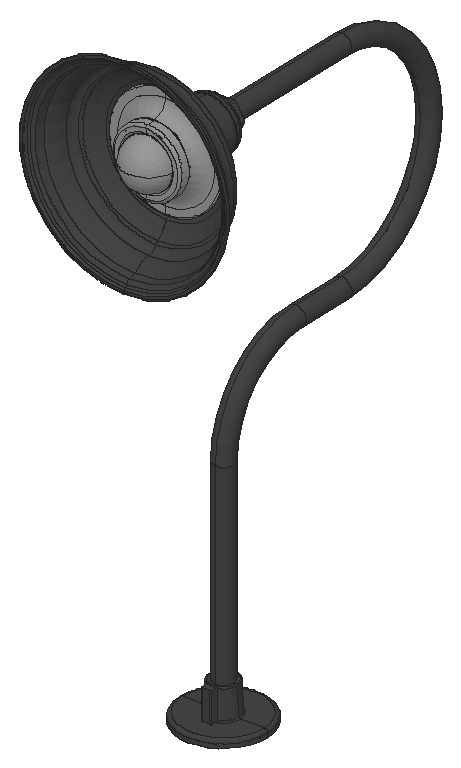
Revit family "BLE-G-WHB-G6-LED", category Lighting Fixtures, host Face, Revit 2022 (continued)
Definition of nested family "WHB Shade"
  Definition of nested family "SHD-0021"
    Forms (in)
      Revolve 2, solid, material <- "Shade Material"
        sketch origin (0, 0, 0) x (1, 0, 0) y (0, 0, 1)
          loop
            line (0, 0) -> (0, 0.03906) -> (-1.2768, 0.03906)
            arc (-1.2768, 0.03906) -> (-1.35899, 0.06907) -> (-1.4025, 0.14499) r 0.12754
            line (-1.4025, 0.14499) -> (-1.42739, 0.28969)
            arc (-1.42739, 0.28969) -> (-1.44233, 0.32466) -> (-1.47142, 0.34916) r 0.08217
            arc (-1.47142, 0.34916) -> (-1.49504, 0.36972) -> (-1.50591, 0.39908) r 0.06331
            line (-1.50591, 0.39908) -> (-1.68358, 2.08888)
            arc (-1.68358, 2.08888) -> (-1.84717, 2.40993) -> (-2.18358, 2.53906) r 0.50276
            line (-2.18358, 2.53906) -> (-2.27776, 2.53906)
            arc (-2.27776, 2.53906) -> (-2.34938, 2.56167) -> (-2.39504, 2.62131) r 0.12473
            arc (-2.39504, 2.62131) -> (-2.55131, 2.82856) -> (-2.79707, 2.91211) r 0.44133
            arc (-2.79707, 2.91211) -> (-2.83676, 2.91975) -> (-2.87199, 2.93956) r 0.1261
            line (-2.87199, 2.93956) -> (-2.92841, 2.98454)
            arc (-2.92841, 2.98454) -> (-3.00942, 3.0339) -> (-3.10018, 3.0615) r 0.37764
            arc (-3.10018, 3.0615) -> (-3.82518, 3.20008) -> (-4.54423, 3.36682) r 18.935
            arc (-4.54423, 3.36682) -> (-4.89816, 3.46771) -> (-5.25153, 3.57053) r 67.20826
            arc (-5.25153, 3.57053) -> (-5.42028, 3.70111) -> (-5.56302, 3.8597) r 1.19083
            arc (-5.56302, 3.8597) -> (-5.65452, 3.96172) -> (-5.76247, 4.04615) r 0.77987
            arc (-5.76247, 4.04615) -> (-5.88906, 4.18342) -> (-5.93432, 4.36459) r 0.37728
            arc (-5.93432, 4.36459) -> (-6.03243, 4.84456) -> (-6.31527, 5.24456) r 1.19223
            line (-6.31527, 5.24456) -> (-6.9641, 6.69444)
            arc (-6.9641, 6.69444) -> (-7.02564, 6.76847) -> (-7.10117, 6.82816) r 0.46277
            line (-7.10117, 6.82816) -> (-7.33587, 7.04516) -> (-7.45485, 7.04516)
            arc (-7.45485, 7.04516) -> (-7.50126, 6.99876) -> (-7.45485, 6.95235) r 0.0464
            line (-7.45485, 6.95235) -> (-7.29303, 6.95235) -> (-7.12501, 6.79701)
            arc (-7.12501, 6.79701) -> (-7.05533, 6.74284) -> (-6.99838, 6.67541) r 0.42371
            line (-6.99838, 6.67541) -> (-6.34765, 5.22128)
            arc (-6.34765, 5.22128) -> (-6.06985, 4.83266) -> (-5.97338, 4.3648) r 1.15316
            arc (-5.97338, 4.3648) -> (-5.92344, 4.16487) -> (-5.78374, 4.01338) r 0.41634
            arc (-5.78374, 4.01338) -> (-5.6812, 3.93319) -> (-5.59428, 3.83628) r 0.74081
            arc (-5.59428, 3.83628) -> (-5.4448, 3.67058) -> (-5.26784, 3.53461) r 1.2299
            arc (-5.26784, 3.53461) -> (-4.91136, 3.43086) -> (-4.55432, 3.32907) r 67.24732
            arc (-4.55432, 3.32907) -> (-3.83352, 3.16192) -> (-3.10676, 3.023) r 18.97406
            arc (-3.10676, 3.023) -> (-3.0254, 2.99825) -> (-2.95276, 2.954) r 0.33858
            line (-2.95276, 2.954) -> (-2.89634, 2.90902)
            arc (-2.89634, 2.90902) -> (-2.85019, 2.88307) -> (-2.79821, 2.87306) r 0.16516
            arc (-2.79821, 2.87306) -> (-2.57421, 2.79691) -> (-2.43176, 2.608) r 0.40227
            arc (-2.43176, 2.608) -> (-2.37181, 2.52969) -> (-2.27776, 2.5) r 0.1638
            line (-2.27776, 2.5) -> (-2.18358, 2.5)
            arc (-2.18358, 2.5) -> (-1.87331, 2.3809) -> (-1.72243, 2.08479) r 0.46369
            line (-1.72243, 2.08479) -> (-1.54476, 0.395)
            arc (-1.54476, 0.395) -> (-1.52718, 0.34751) -> (-1.48898, 0.31427) r 0.10237
            arc (-1.48898, 0.31427) -> (-1.47372, 0.30141) -> (-1.46588, 0.28307) r 0.04311
            line (-1.46588, 0.28307) -> (-1.441, 0.13837)
            arc (-1.441, 0.13837) -> (-1.38416, 0.0392) -> (-1.2768, 0) r 0.1666
            line (-1.2768, 0) -> (0, 0)
          axis (0, 7.04516) -> (0, 0)
        angle from 0 to 360
    Dimensions and locks (in)
      locked: plane 5 to Extrusion 1 at 0.137
      locked: plane 8 to plane 5 at 0.157
      locked: plane 10 to plane 8 at 0.017
      locked: plane 11 to plane 10 at 0.084
      locked: plane 13 to plane 11 at 1.693
      locked: plane 15 to plane 13 at 0.412
      locked: plane 17 to plane 15 at 0.108
      locked: plane 20 to plane 17 at 0.265
      locked: plane 21 to plane 20 at 0.022
      locked: plane 23 to plane 21 at 0.059
      locked: plane 25 to plane 23 at 0.069
      locked: plane 29 to plane 27 at 0.184
      locked: plane 31 to plane 29 at 0.344
      locked: plane 33 to plane 31 at 0.857
      locked: plane 35 to plane 33 at 2.157
      locked: plane 37 to plane 35 at 0.156
      locked: plane 39 to plane 37 at 0.168
      locked: plane 41 to plane 39 at 0.246
      locked: plane 16 to plane 43 at 0.097
      locked: plane 44 to plane 25 at 0.533
      locked: plane 27 to plane 44 at 0.45
      locked: plane 41 to plane 46 at 0.16
      locked: plane 3 "Center (Left/Right)" to plane 4 at 1.27876
      locked: plane 4 to plane 6 at 0.162
      locked: plane 6 to plane 9 at 0.041
      locked: plane 9 to plane 12 at 0.063
      locked: plane 12 to plane 14 at 0.178
      locked: plane 14 to plane 16 at 0.458
      locked: plane 43 to plane 18 at 0.154
      locked: plane 18 to plane 19 at 0.392
      locked: plane 19 to plane 22 at 0.055
      locked: plane 22 to plane 24 at 0.074
      locked: plane 24 to plane 26 at 0.154
      plane 3 "Center (Left/Right)" to plane 45 = 0' - 5.39176"
      locked: plane 36 to plane 38 at 0.193
      locked: plane 38 to plane 40 at 0.257
      locked: plane 40 to plane 42 at 0.135
      locked: plane 42 to plane 47 at 0.077
      locked: plane 47 to plane 48 at 0.033
      aligned and locked: plane 2 to Extrusion 1
      aligned and locked: level to Extrusion 1
      aligned and locked: Revolve 2 sketch curve to plane 3 "Center (Left/Right)"  (x2)
    Automatic sketch dimensions
      Extrusion 1 sketch curve to Extrusion 1 sketch curve = 8' - 0"  (x2)
      Revolve 2 sketch curve to Revolve 2 sketch curve = 0' - 0"  (x35)
      Revolve 2 sketch curve to plane 25 = 0' - 0"  (x2)
      Revolve 2 sketch curve to plane 26 = 0' - 0"
      Revolve 2 sketch curve to plane 23 = 0' - 0"
      Revolve 2 sketch curve to plane 24 = 0' - 0"
      Revolve 2 sketch curve to plane 17 = 0' - 0"  (x2)
      Revolve 2 sketch curve to plane 18 = 0' - 0"
      Revolve 2 sketch curve to plane 15 = 0' - 0"
      Revolve 2 sketch curve to plane 43 = 0' - 0"
      Revolve 2 sketch curve to plane 11 = 0' - 0"
      Revolve 2 sketch curve to plane 12 = 0' - 0"
      Revolve 2 sketch curve to level = 0' - 0"
      Revolve 2 sketch curve to Revolve 2 sketch curve = 0' - 0.21107"
      plane 31 to Revolve 2 sketch curve = 0' - 0.03985"
      plane 45 to Revolve 2 sketch curve = 0' - 0.78168"
      Revolve 2 sketch curve to plane 45 = 0' - 0.16528"
      plane 30 to Revolve 2 sketch curve = 0' - 0.04167"
      Revolve 2 sketch curve to plane 30 = 0' - 0.08651"
      Revolve 2 sketch curve to Revolve 2 sketch curve = 0' - 0.03238"
      Revolve 2 sketch curve to plane 34 = 0' - 0.18134"
      Revolve 2 sketch curve to Revolve 2 sketch curve = 0' - 0.03428"
      Revolve 2 sketch curve to Revolve 2 sketch curve = 0' - 0.10279"
      Revolve 2 sketch curve to Revolve 2 sketch curve = 0' - 0.02385"
      Revolve 2 sketch curve to plane 31 = 0' - 0.1631"
      Revolve 2 sketch curve to plane 34 = 0' - 0 11/32"
      Revolve 2 sketch curve to Revolve 2 sketch curve = 0' - 0.19186"
      plane 36 to Revolve 2 sketch curve = 0' - 0.39897"
      Revolve 2 sketch curve to Revolve 2 sketch curve = 0' - 0.16182"
      plane 24 to Revolve 2 sketch curve = 0' - 0.02435"
      plane 21 to Revolve 2 sketch curve = 0' - 0.01402"
      Revolve 2 sketch curve to plane 22 = 0' - 0.01758"
      plane 22 to Revolve 2 sketch curve = 0' - 0.00677"
      plane 19 to Revolve 2 sketch curve = 0' - 0.01379"
      plane 25 to Revolve 2 sketch curve = 0' - 0.01516"
      Revolve 2 sketch curve to plane 16 = 0' - 0.00281"
      plane 14 to Revolve 2 sketch curve = 0' - 0.00034"
      plane 13 to Revolve 2 sketch curve = 0' - 0.00088"
      Revolve 2 sketch curve to Revolve 2 sketch curve = 0' - 0.03885"
      Revolve 2 sketch curve to plane 9 = 0' - 0.02661"
      plane 11 to Revolve 2 sketch curve = 0' - 0.00408"
      Revolve 2 sketch curve to plane 9 = 0' - 0.02415"
      plane 7 to Revolve 2 sketch curve = 0' - 0.00188"
      Revolve 2 sketch curve to plane 6 = 0' - 0.00219"
      Revolve 2 sketch curve to plane 6 = 0' - 0.00024"
      Revolve 2 sketch curve to plane 8 = 0' - 0.00431"
      plane 6 to Revolve 2 sketch curve = 0' - 0.01338"
      plane 5 to Revolve 2 sketch curve = 0' - 0.00799"
      plane 6 to Revolve 2 sketch curve = 0' - 0.03826"
      plane 4 to Revolve 2 sketch curve = 0' - 0.00196"
      plane 3 "Center (Left/Right)" to Revolve 2 sketch curve = 0' - 0.09162"
      plane 3 "Center (Left/Right)" to Revolve 2 sketch curve = 1' - 1.70309"
      level to Revolve 2 sketch curve = 0' - 0 5/128"
      plane 11 to Revolve 2 sketch curve = 0' - 0.0107"
      Revolve 2 sketch curve to plane 23 = 0' - 0.01444"
      plane 23 to Revolve 2 sketch curve = 0' - 0.03054"
      Revolve 2 sketch curve to plane 44 = 0' - 0.16398"
      Revolve 2 sketch curve to plane 31 = 0' - 0.1714"
      Revolve 2 sketch curve to plane 33 = 0' - 0.16972"
      Revolve 2 sketch curve to Revolve 2 sketch curve = 0' - 0.02328"
      plane 33 to Revolve 2 sketch curve = 0' - 1.04622"
      Revolve 2 sketch curve to Revolve 2 sketch curve = 0' - 0.23818"
      Revolve 2 sketch curve to Revolve 2 sketch curve = 0' - 0.01904"
      Revolve 2 sketch curve to Revolve 2 sketch curve = 0' - 0.12419"
      Revolve 2 sketch curve to Revolve 2 sketch curve = 0' - 0.0464"
      Revolve 2 sketch curve to Revolve 2 sketch curve = 3' - 10.325"
      Revolve 2 sketch curve to plane 44 = 0' - 0.18918"
      plane 45 to Revolve 2 sketch curve = 0' - 0.84753"
      Revolve 2 sketch curve to Revolve 2 sketch curve = 0' - 0.01009"
      plane 44 to Revolve 2 sketch curve = 0' - 0.01453"
      Revolve 2 sketch curve to plane 44 = 0' - 0.02139"
      Revolve 2 sketch curve to Revolve 2 sketch curve = 0' - 0.04284"
      plane 11 to Revolve 2 sketch curve = 0' - 0.32444"
      plane 13 to Revolve 2 sketch curve = 0' - 0.162"
Definition of nested family "ACR-0306"
  Parameters (values of type "Flat")
    Flat = yes
    Dome = no
    Default Elevation = 2' - 0"
  Types (3): name | Flat | Dome
    (no name) | yes | no
    Dome | no | yes
    Flat | yes | no
  Reference planes (in)
    plane 1 "Center (Front/Back)": y = 0
    plane 2: z = 0
    plane 3 "Center (Left/Right)": x = 0
  Forms (in)
    Extrusion 1, solid
      sketch origin (0, 0, 0) x (1, 0, 0) y (0, 1, 0)
        loop
          line (-48, 48) -> (-48, -48) -> (48, -48) -> (48, 48) -> (-48, 48)
      from 0 to -12
  Dimensions and locks (in)
    aligned and locked: plane 2 to Extrusion 1
    aligned and locked: level to Extrusion 1
    aligned and locked: plane 3 "Center (Left/Right)" to nested 1
    aligned and locked: plane 1 "Center (Front/Back)" to nested 1
    aligned and locked: plane 1 "Center (Front/Back)" to nested 2
    aligned and locked: plane 3 "Center (Left/Right)" to nested 2
  Nested families (in)
    nested 1: "ACR-0306-FL" at (0, 0, 0), visible <- "Flat", type "ACR-0306-FL"
    nested 2: "ACR-0306-DL" at (0, 0, 0), visible <- "Dome", type "ACR-0306-DL"
  Definition of nested family "ACR-0306-FL"
    Parameters (values of type "ACR-0306-FL")
      Default Elevation = 2' - 0"
    Reference planes (in)
      plane 1 "Center (Front/Back)": y = 0
      plane 2: z = 0
      plane 3 "Center (Left/Right)": x = 0
    Forms (in)
      Extrusion 1, solid
        sketch origin (0, 0, 0) x (1, 0, 0) y (0, 1, 0)
          loop
            line (-48, 48) -> (-48, -48) -> (48, -48) -> (48, 48) -> (-48, 48)
        from 0 to -12
      Revolve 2, solid
        sketch origin (0, 0, 0) x (1, 0, 0) y (0, 0, 1)
          loop
            line (0, 0) -> (0, 0.0811) -> (-1.55567, 0.0811)
            arc (-1.55567, 0.0811) -> (-1.56963, 0.07532) -> (-1.57541, 0.06137) r 0.01973
            line (-1.57541, 0.06137) -> (-1.57541, 0) -> (0, 0)
          axis (0, 0.0811) -> (0, 0)
        angle from 0 to 360
    Dimensions and locks (in)
      aligned and locked: plane 2 to Extrusion 1
      aligned and locked: level to Extrusion 1
      aligned and locked: Revolve 2 sketch curve to plane 3 "Center (Left/Right)"
    Automatic sketch dimensions
      Extrusion 1 sketch curve to Extrusion 1 sketch curve = 8' - 0"  (x2)
      Revolve 2 sketch curve to plane 3 "Center (Left/Right)" = 0' - 0"
      Revolve 2 sketch curve to level = 0' - 0"
      level to Revolve 2 sketch curve = 0' - 0.06137"
      Revolve 2 sketch curve to plane 3 "Center (Left/Right)" = 0' - 1.55567"
      Revolve 2 sketch curve to Revolve 2 sketch curve = 0' - 0.01973"
      Revolve 2 sketch curve to Revolve 2 sketch curve = 0' - 0.42716"
      Revolve 2 sketch curve to Revolve 2 sketch curve = 0' - 1.63223"
  Definition of nested family "ACR-0306-DL"
    Parameters (values of type "ACR-0306-DL")
      Default Elevation = 2' - 0"
    Reference planes (in)
      plane 1 "Center (Front/Back)": y = 0
      plane 2: z = 0
      plane 3 "Center (Left/Right)": x = 0
    Forms (in)
      Extrusion 1, solid
        sketch origin (0, 0, 0) x (1, 0, 0) y (0, 1, 0)
          loop
            line (-48, 48) -> (-48, -48) -> (48, -48) -> (48, 48) -> (-48, 48)
        from 0 to -12
      Revolve 2, solid
        sketch origin (0, 0, 0) x (1, 0, 0) y (0, 0, 1)
          loop
            arc (-1.31383, 0) -> (-1.24748, 0.02724) -> (-1.2194, 0.09324) r 0.09444
            arc (-1.2194, 0.09324) -> (-0.85683, 0.94555) -> (0, 1.29728) r 1.2195
            line (0, 1.29728) -> (0, 1.37984)
            arc (0, 1.37984) -> (-0.90946, 1.00889) -> (-1.30005, 0.1077) r 1.30036
            arc (-1.30005, 0.1077) -> (-1.30822, 0.08886) -> (-1.32723, 0.0811) r 0.02719
            line (-1.32723, 0.0811) -> (-1.55567, 0.0811)
            arc (-1.55567, 0.0811) -> (-1.56963, 0.07532) -> (-1.57541, 0.06137) r 0.01973
            line (-1.57541, 0.06137) -> (-1.57541, 0) -> (-1.31383, 0)
          axis (0, 1.37984) -> (0, 0)
        angle from 0 to 360
    Dimensions and locks (in)
      aligned and locked: plane 2 to Extrusion 1
      aligned and locked: level to Extrusion 1
      aligned and locked: Revolve 2 sketch curve to plane 3 "Center (Left/Right)"
    Automatic sketch dimensions
      Extrusion 1 sketch curve to Extrusion 1 sketch curve = 8' - 0"  (x2)
      Revolve 2 sketch curve to level = 0' - 0"
      Revolve 2 sketch curve to plane 3 "Center (Left/Right)" = 0' - 0"  (x3)
      Revolve 2 sketch curve to plane 3 "Center (Left/Right)" = 0' - 1.31383"
      Revolve 2 sketch curve to Revolve 2 sketch curve = 0' - 0.0134"
      level to Revolve 2 sketch curve = 0' - 0.06137"
      Revolve 2 sketch curve to Revolve 2 sketch curve = 0' - 0.22844"
      Revolve 2 sketch curve to Revolve 2 sketch curve = 0' - 0.01973"
      level to Revolve 2 sketch curve = 0' - 0.07778"
      Revolve 2 sketch curve to Revolve 2 sketch curve = 0' - 0.00169"
      Revolve 2 sketch curve to Revolve 2 sketch curve = 0' - 0.01334"
      Revolve 2 sketch curve to Revolve 2 sketch curve = 0' - 0.01385"
      Revolve 2 sketch curve to Revolve 2 sketch curve = 0' - 1.2178"
      Revolve 2 sketch curve to Revolve 2 sketch curve = 0' - 0.08255"
      Revolve 2 sketch curve to level = 0' - 0.42716"
      Revolve 2 sketch curve to Revolve 2 sketch curve = 0' - 0.3335"
Definition of nested family "RNG-0007"
  Parameters (values of type "RNG-0007")
    Default Elevation = 2' - 0"
  Reference planes (in)
    plane 1 "Center (Front/Back)": y = 0
    plane 2: z = 0
    plane 3 "Center (Left/Right)": x = 0
    plane 4: x = -1.35
  Forms (in)
    Extrusion 1, solid
      sketch origin (0, 0, 0.00163) x (1, 0, 0) y (0, 1, 0)
        loop
          line (-48, 48) -> (-48, -48) -> (48, -48) -> (48, 48) -> (-48, 48)
      from -0.00163 to -12
    Revolve 2, solid
      sketch origin (0, 0, 0) x (1, 0, 0) y (0, 0, 1)
        loop
          line (-1.62365, -0.38995) -> (-1.62365, 0) -> (-1.35, 0) -> (-1.35, 0.0714) -> (-1.42851, 0.14991) -> (-1.67485, 0.14991)
          arc (-1.67485, 0.14991) -> (-1.76216, 0.11443) -> (-1.79998, 0.02812) r 0.12517
          line (-1.79998, 0.02812) -> (-1.81128, -0.38995) -> (-1.62365, -0.38995)
        axis (0, 0.14991) -> (0, -0.38995)
      angle from 0 to 360
  Dimensions and locks (in)
    locked: plane 3 "Center (Left/Right)" to plane 4 at 1.35
    aligned and locked: plane 2 to Extrusion 1
    aligned and locked: level to Extrusion 1
    aligned and locked: Revolve 2 sketch curve to plane 3 "Center (Left/Right)"
  Automatic sketch dimensions
    Extrusion 1 sketch curve to Extrusion 1 sketch curve = 8' - 0"  (x2)
    Revolve 2 sketch curve to level = 0' - 0.38995"
    Revolve 2 sketch curve to plane 4 = 0' - 0"
    Revolve 2 sketch curve to plane 4 = 0' - 0.07851"
    Revolve 2 sketch curve to Revolve 2 sketch curve = 0' - 0.19514"
    Revolve 2 sketch curve to Revolve 2 sketch curve = 0' - 0.0512"
    Revolve 2 sketch curve to Revolve 2 sketch curve = 0' - 0.12513"
    Revolve 2 sketch curve to Revolve 2 sketch curve = 0' - 0.18763"
    Revolve 2 sketch curve to Revolve 2 sketch curve = 0' - 0.38995"
    Revolve 2 sketch curve to Revolve 2 sketch curve = 0' - 0.02473"
    Revolve 2 sketch curve to Revolve 2 sketch curve = 0' - 0.0714"
    Revolve 2 sketch curve to level = 0' - 0.0832"
    level to Revolve 2 sketch curve = 0' - 0.71355"
Definition of nested family "CPL-0004"
  Parameters (values of type "CPL-0004")
    Coupler Material = none
    Default Elevation = 2' - 0"
  Reference planes (in)
    plane 1 "Center (Front/Back)": y = 0
    plane 2: z = 0
    plane 3 "Center (Left/Right)": x = 0
    plane 4 "Wood Height": z = 0
    plane 5: y = 0.875
    plane 6: z = 0.4
  Forms (in)
    Extrusion 1, solid
      sketch origin (0, 0, 0) x (1, 0, 0) y (0, 1, 0)
        loop
          line (-48, 48) -> (-48, -48) -> (48, -48) -> (48, 48) -> (-48, 48)
      from 0 to -12
    Extrusion 2, solid, material <- "Coupler Material"
      sketch origin (0, 0, 0) x (1, 0, 0) y (0, 1, 0)
        loop
          line (-0.54127, 0.8125) -> (-0.97428, 0.0625)
          arc (-0.97428, 0.0625) -> (-0.99103, 0) -> (-0.97428, -0.0625) r 0.125
          line (-0.97428, -0.0625) -> (-0.54127, -0.8125)
          arc (-0.54127, -0.8125) -> (-0.49551, -0.85825) -> (-0.43301, -0.875) r 0.125
          line (-0.43301, -0.875) -> (0.43301, -0.875)
          arc (0.43301, -0.875) -> (0.49551, -0.85825) -> (0.54127, -0.8125) r 0.125
          line (0.54127, -0.8125) -> (0.97428, -0.0625)
          arc (0.97428, -0.0625) -> (0.99103, 0) -> (0.97428, 0.0625) r 0.125
          line (0.97428, 0.0625) -> (0.54127, 0.8125)
          arc (0.54127, 0.8125) -> (0.49551, 0.85825) -> (0.43301, 0.875) r 0.125
          line (0.43301, 0.875) -> (-0.43301, 0.875)
          arc (-0.43301, 0.875) -> (-0.49551, 0.85825) -> (-0.54127, 0.8125) r 0.125
      from 0 to 0.4
    Revolve 3, solid, material <- "Coupler Material"
      sketch origin (0, 0, 0) x (1, 0, 0) y (0, 0, 1)
        loop
          line (0, 0.65018) -> (-1.00921, 0.65018) -> (-1.03665, 0.61971) -> (-1.02973, 0.43008)
          arc (-1.02973, 0.43008) -> (-1.02417, 0.41239) -> (-1.01036, 0.4) r 0.03506
          line (-1.01036, 0.4) -> (0, 0.4) -> (0, 0.65018)
        axis (0, 0.65018) -> (0, 0.4)
      angle from 0 to 360
  Dimensions and locks (in)
    locked: plane 5 to plane 1 "Center (Front/Back)" at 0.875
    locked: plane 6 to Extrusion 1 at 0.4
    aligned and locked: plane 2 to Extrusion 1
    aligned and locked: level to Extrusion 1
    aligned and locked: Extrusion 1 to plane 4 "Wood Height"
    aligned and locked: Revolve 3 sketch curve to plane 3 "Center (Left/Right)"
  Automatic sketch dimensions
    Extrusion 1 sketch curve to Extrusion 1 sketch curve = 8' - 0"  (x2)
    Revolve 3 sketch curve to plane 6 = 0' - 0"
    Revolve 3 sketch curve to plane 3 "Center (Left/Right)" = 0' - 0"
    plane 6 to Revolve 3 sketch curve = 0' - 0.03136"
    Revolve 3 sketch curve to plane 3 "Center (Left/Right)" = 0' - 0.99469"
    plane 6 to Revolve 3 sketch curve = 0' - 0.25018"
    Revolve 3 sketch curve to Revolve 3 sketch curve = 0' - 0.01453"
    Revolve 3 sketch curve to Revolve 3 sketch curve = 0' - 0.01568"
    plane 6 to Revolve 3 sketch curve = 0' - 0.03008"
    plane 6 to Revolve 3 sketch curve = 0' - 0.21971"
    Revolve 3 sketch curve to Revolve 3 sketch curve = 0' - 0.02744"
    Revolve 3 sketch curve to level = 0' - 0.16839"
    Revolve 3 sketch curve to Revolve 3 sketch curve = 0' - 0.1618"
    plane 1 "Center (Front/Back)" to Extrusion 2 sketch curve = 0' - 0"  (x2)
    Extrusion 2 sketch curve to plane 5 = 0' - 0"
    Extrusion 2 sketch curve to plane 1 "Center (Front/Back)" = 0' - 0 1/16"  (x2)
    plane 1 "Center (Front/Back)" to Extrusion 2 sketch curve = 0' - 0 1/16"  (x2)
    Extrusion 2 sketch curve to Extrusion 2 sketch curve = 0' - 0.10825"  (x4)
    Extrusion 2 sketch curve to plane 3 "Center (Left/Right)" = 0' - 0.54127"
    Extrusion 2 sketch curve to plane 5 = 0' - 0 1/16"  (x2)
    plane 3 "Center (Left/Right)" to Extrusion 2 sketch curve = 0' - 0.43301"  (x2)
Definition of nested family "103805"
  Parameters (values of type "103805")
    Heat Sink 6" = yes
    Default Elevation = 2' - 0"
  Reference planes (in)
    plane 1 "Center (Front/Back)": y = 0
    plane 2: z = 0
    plane 3 "Center (Left/Right)": x = 0
  Forms (in)
    Extrusion 1, solid
      sketch origin (0, 0, 0) x (1, 0, 0) y (0, 1, 0)
        loop
          line (-48, 48) -> (-48, -48) -> (48, -48) -> (48, 48) -> (-48, 48)
      from 0 to -12
    Revolve 2, solid, visible <- "Heat Sink 6""
      sketch origin (0, 0, 0) x (1, 0, 0) y (0, 0, 1)
        loop
          line (0, 0) -> (0, 0.62434) -> (-1.30334, 0.62434)
          arc (-1.30334, 0.62434) -> (-1.32437, 0.63289) -> (-1.33347, 0.65368) r 0.03013
          line (-1.33347, 0.65368) -> (-1.34912, 1.25004) -> (-1.62392, 1.25004) -> (-1.62392, 0.90054) -> (-1.81218, 0.90054)
          arc (-1.81218, 0.90054) -> (-2.04769, 0.40262) -> (-2.55995, 0.20019) r 0.74937
          line (-2.55995, 0.20019) -> (-2.95038, 0.20019)
          arc (-2.95038, 0.20019) -> (-2.98337, 0.18703) -> (-2.99824, 0.15477) r 0.04793
          line (-2.99824, 0.15477) -> (-2.99996, 0.12184) -> (-2.88993, 0.01181)
          arc (-2.88993, 0.01181) -> (-2.87685, 0.00307) -> (-2.86143, 0) r 0.04031
          line (-2.86143, 0) -> (0, 0)
        axis (0, 1.25004) -> (0, 0)
      angle from 0 to 360
  Dimensions and locks (in)
    aligned and locked: plane 2 to Extrusion 1
    aligned and locked: level to Extrusion 1
    aligned and locked: Revolve 2 sketch curve to plane 3 "Center (Left/Right)"
  Automatic sketch dimensions
    Extrusion 1 sketch curve to Extrusion 1 sketch curve = 8' - 0"  (x2)
    Revolve 2 sketch curve to level = 0' - 0"
    Revolve 2 sketch curve to plane 3 "Center (Left/Right)" = 0' - 0"
    level to Revolve 2 sketch curve = 0' - 0.62434"
    Revolve 2 sketch curve to plane 3 "Center (Left/Right)" = 0' - 1.30334"
    Revolve 2 sketch curve to Revolve 2 sketch curve = 0' - 0.03012"
    Revolve 2 sketch curve to Revolve 2 sketch curve = 0' - 0.29046"
    Revolve 2 sketch curve to Revolve 2 sketch curve = 0' - 0.18826"
    level to Revolve 2 sketch curve = 0' - 0.20019"
    Revolve 2 sketch curve to Revolve 2 sketch curve = 0' - 0.74777"
    Revolve 2 sketch curve to Revolve 2 sketch curve = 0' - 0.30148"
    level to Revolve 2 sketch curve = 0' - 0.01181"
    Revolve 2 sketch curve to Revolve 2 sketch curve = 0' - 0.0285"
    Revolve 2 sketch curve to Revolve 2 sketch curve = 0' - 0.08895"
    level to Revolve 2 sketch curve = 0' - 0.15477"
    Revolve 2 sketch curve to Revolve 2 sketch curve = 0' - 0.04786"
    Revolve 2 sketch curve to Revolve 2 sketch curve = 0' - 0.24686"
    Revolve 2 sketch curve to Revolve 2 sketch curve = 0' - 0.3495"
    Revolve 2 sketch curve to Revolve 2 sketch curve = 0' - 0.27481"
    Revolve 2 sketch curve to level = 0' - 1.22145"
    Revolve 2 sketch curve to Revolve 2 sketch curve = 0' - 1.65421"
Definition of nested family "103264"
  Parameters (values of type "103264")
    Heat Sink 9" = yes
    Default Elevation = 2' - 0"
  Reference planes (in)
    plane 1 "Center (Front/Back)": y = 0
    plane 2: z = 0
    plane 3 "Center (Left/Right)": x = 0
  Forms (in)
    Extrusion 1, solid
      sketch origin (0, 0, 0) x (1, 0, 0) y (0, 1, 0)
        loop
          line (-48, 48) -> (-48, -48) -> (48, -48) -> (48, 48) -> (-48, 48)
      from 0 to -12
    Revolve 2, solid, visible <- "Heat Sink 9""
      sketch origin (0, 0, 0) x (1, 0, 0) y (0, 0, 1)
        loop
          line (0, 0) -> (0, 0.62434) -> (-1.30334, 0.62434)
          arc (-1.30334, 0.62434) -> (-1.32437, 0.63289) -> (-1.33347, 0.65368) r 0.03013
          line (-1.33347, 0.65368) -> (-1.34912, 1.25004) -> (-1.62392, 1.25004) -> (-1.62392, 0.90054) -> (-1.81218, 0.90054)
          arc (-1.81218, 0.90054) -> (-2.04769, 0.40262) -> (-2.55995, 0.20019) r 0.74937
          line (-2.55995, 0.20019) -> (-4.45232, 0.20019)
          arc (-4.45232, 0.20019) -> (-4.48531, 0.18703) -> (-4.50018, 0.15477) r 0.04793
          line (-4.50018, 0.15477) -> (-4.50191, 0.12184) -> (-4.39187, 0.01181)
          arc (-4.39187, 0.01181) -> (-4.3788, 0.00307) -> (-4.36337, 0) r 0.04031
          line (-4.36337, 0) -> (0, 0)
        axis (0, 1.25004) -> (0, 0)
      angle from 0 to 360
  Dimensions and locks (in)
    aligned and locked: plane 2 to Extrusion 1
    aligned and locked: level to Extrusion 1
    aligned and locked: Revolve 2 sketch curve to plane 3 "Center (Left/Right)"
  Automatic sketch dimensions
    Extrusion 1 sketch curve to Extrusion 1 sketch curve = 8' - 0"  (x2)
    Revolve 2 sketch curve to level = 0' - 0"
    Revolve 2 sketch curve to plane 3 "Center (Left/Right)" = 0' - 0"
    level to Revolve 2 sketch curve = 0' - 0.62434"
    Revolve 2 sketch curve to plane 3 "Center (Left/Right)" = 0' - 1.30334"
    Revolve 2 sketch curve to Revolve 2 sketch curve = 0' - 0.03012"
    Revolve 2 sketch curve to Revolve 2 sketch curve = 0' - 0.29046"
    Revolve 2 sketch curve to Revolve 2 sketch curve = 0' - 0.18826"
    level to Revolve 2 sketch curve = 0' - 0.20019"
    Revolve 2 sketch curve to Revolve 2 sketch curve = 0' - 0.74777"
    Revolve 2 sketch curve to Revolve 2 sketch curve = 0' - 1.80342"
    level to Revolve 2 sketch curve = 0' - 0.01181"
    Revolve 2 sketch curve to Revolve 2 sketch curve = 0' - 0.0285"
    Revolve 2 sketch curve to Revolve 2 sketch curve = 0' - 0.08895"
    level to Revolve 2 sketch curve = 0' - 0.15477"
    Revolve 2 sketch curve to Revolve 2 sketch curve = 0' - 0.04786"
    Revolve 2 sketch curve to Revolve 2 sketch curve = 0' - 0.24686"
    Revolve 2 sketch curve to Revolve 2 sketch curve = 0' - 0.3495"
    Revolve 2 sketch curve to Revolve 2 sketch curve = 0' - 0.27481"
    Revolve 2 sketch curve to level = 0' - 1.22145"
    Revolve 2 sketch curve to Revolve 2 sketch curve = 0' - 1.65421"
Types (9): name | Heat Sink 9" | Heat Sink 6" | Heat Sink | Flat | Dome | 17" | 15" | 13" | 11"
  (no name) | no | yes | 0' - 3 77/128" | no | yes | no | no | no | yes
  11" Dome | no | yes | 0' - 3 77/128" | no | yes | no | no | no | yes
  13" Dome | yes | no | 0' - 4" | no | yes | no | no | yes | no
  15" Dome | yes | no | 0' - 3 115/128" | no | yes | no | yes | no | no
  17" Dome | yes | no | 0' - 3 115/128" | no | yes | yes | no | no | no
  11" Flat | no | yes | 0' - 3 77/128" | yes | no | no | no | no | yes
  13" Flat | yes | no | 0' - 4" | yes | no | no | no | yes | no
  15" Flat | yes | no | 0' - 3 115/128" | yes | no | no | yes | no | no
  17" Flat | yes | no | 0' - 3 115/128" | yes | no | yes | no | no | no
